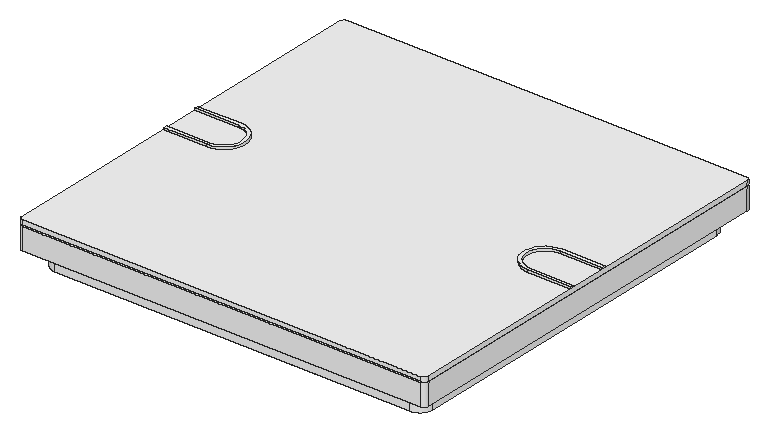
Revit family "Gira_5051003", category Electrical Fixtures, host Face, Revit 2017
Family settings
  Host = Face
  Maintain Annotation Orientation = No
  Round Connector Dimension = Use Diameter
  Part Type = Normal
  Cut with Voids When Loaded = No
  Shared = No
  Room Calculation Point = No
Parameters (values of type "PB sens.4 24 V 1-g TS4 white")
  With room temperature controller = no
  With label area = no
  With display = no
  With anti-theft/dismantling protection = yes
  With IR sensor = no
  White = White
  URL = "https://www.gira.de/"
  Type Comments = ""
  Transparent = no
  Surface protection = "Sonstige (*de-DE)"
  Radio frequent bidirectional = no
  Number of buttons = 1
  Number of actuation points = 2
  Model = ""
  Material quality = "Sonstige (*de-DE)"
  Material = "Sonstige (*de-DE)"
  Manufacturer = "Gira"
  Keynote = ""
  HeinzeBIM = "https://www.heinze.de/bim/pb-sens-4-24-v-1-g-ts4-white/80c5d1c0d546b6ce31b32db2694a73d5efe9e991"
  HAN = "5051003"
  GTIN = "4010337074960"
  Description = ""
  Default Elevation = 1219.2 mm
  Cost = 0
  Colour = "White"
  Bus connection included = no
  BIMSITE_PRODUCT_ID = "80c5d1c0d546b6ce31b32db2694a73d5efe9e991"
  BIM = "https://media.live.bim.site/t/eyJhbGciOiJIUzI1NiIsInR5cCI6IkpXVCJ9.eyJjdCI6MSwidGYiOiJwdWJsaWMvZ2lyYS8wOWY1ZGI1LzQwXzUwMDEwMCBUUzQgMWZhY2gucmZhIiwiY2lkIjoiZmVkOThlOWEtMWJkOC00YzY4LWE3M2ItNzRhOTRlMzE1ODIzIiwicmlkIjoiZjk1ZmRlOThlNWQwYmI2NmU4MmRkYWZiZGQ2OTA2ZDciLCJwaWQiOiI4MGM1ZDFjMGQ1NDZiNmNlMzFiMzJkYjI2OTRhNzNkNWVmZTllOTkxIiwic2lkIjoiNjM0NzAiLCJ1dCI6NSwibGMiOiJlbiIsImlhdCI6MTYwNzQ0MTA5NiwiaXNzIjoiaHR0cHM6Ly9hcGkubGl2ZS5iaW0uc2l0ZSIsInN1YiI6IjhkM2FhNWNiLWUwNjYtNDU5OC1iZTE2LTZlMTZlZTc0OTU2YSJ9.P3PX35laGg5dHYGWRbO6Ocyt213ir4nUk8bKwaMO7As/40_500100 TS4 1fach.rfa"
  Assembly Code = ""
Reference planes
  plane 1 "Center (Front/Back)": y = 0
  plane 2: z = 0
  plane 3 "Center (Left/Right)": x = 0
Forms (mm)
  Extrusion 1, solid, material "White", detail levels fine
    sketch origin (0, 0, 0) x (1, 0, 0) y (0, 1, 0)
      loop
        line (25.45, 35.45) -> (-25.45, 35.45)
        arc (-25.45, 35.45) -> (-32.521, 32.521) -> (-35.45, 25.45) r 10
        line (-35.45, 25.45) -> (-35.45, -25.45)
        arc (-35.45, -25.45) -> (-32.521, -32.521) -> (-25.45, -35.45) r 10
        line (-25.45, -35.45) -> (25.45, -35.45)
        arc (25.45, -35.45) -> (32.521, -32.521) -> (35.45, -25.45) r 10
        line (35.45, -25.45) -> (35.45, 25.45)
        arc (35.45, 25.45) -> (32.521, 32.521) -> (25.45, 35.45) r 10
      loop
        arc (-31.325, 28.496) -> (-31.325, 25.668) -> (-28.496, 25.668) r 2
        line (-28.496, 25.668) -> (-25.668, 28.496)
        arc (-25.668, 28.496) -> (-25.668, 31.325) -> (-28.496, 31.325) r 2
        line (-28.496, 31.325) -> (-31.325, 28.496)
      loop
        arc (-28.496, -31.325) -> (-25.668, -31.325) -> (-25.668, -28.496) r 2
        line (-25.668, -28.496) -> (-28.496, -25.668)
        arc (-28.496, -25.668) -> (-31.325, -25.668) -> (-31.325, -28.496) r 2
        line (-31.325, -28.496) -> (-28.496, -31.325)
      loop
        line (31.325, 28.496) -> (28.496, 31.325)
        arc (28.496, 31.325) -> (25.668, 31.325) -> (25.668, 28.496) r 2
        line (25.668, 28.496) -> (28.496, 25.668)
        arc (28.496, 25.668) -> (31.325, 25.668) -> (31.325, 28.496) r 2
      loop
        line (28.496, -31.325) -> (31.325, -28.496)
        arc (31.325, -28.496) -> (31.325, -25.668) -> (28.496, -25.668) r 2
        line (28.496, -25.668) -> (25.668, -28.496)
        arc (25.668, -28.496) -> (25.668, -31.325) -> (28.496, -31.325) r 2
      loop
        line (-13.39, 22.831) -> (-22.831, 13.39) -> (-22.831, -13.39) -> (-13.39, -22.831) -> (13.39, -22.831) -> (22.831, -13.39) -> (22.831, 13.39) -> (13.39, 22.831) -> (-13.39, 22.831)
      loop
        arc (-1.681, 31.793) -> (-6.669, 29.581) -> (-1.417, 28.102) r 2.9
        arc (-1.417, 28.102) -> (2.178, 28.079) -> (5.741, 27.6) r 28.291
        arc (5.741, 27.6) -> (7.553, 29.282) -> (6.077, 31.265) r 1.851
        arc (6.077, 31.265) -> (2.215, 31.784) -> (-1.681, 31.793) r 29.64
      loop
        arc (1.681, -31.793) -> (6.669, -29.581) -> (1.417, -28.102) r 2.9
        arc (1.417, -28.102) -> (-2.178, -28.079) -> (-5.741, -27.6) r 28.291
        arc (-5.741, -27.6) -> (-7.553, -29.282) -> (-6.077, -31.265) r 1.851
        arc (-6.077, -31.265) -> (-2.215, -31.784) -> (1.681, -31.793) r 29.64
      loop
        arc (-31.793, -1.681) -> (-29.581, -6.669) -> (-28.102, -1.417) r 2.9
        arc (-28.102, -1.417) -> (-28.079, 2.178) -> (-27.6, 5.741) r 28.291
        arc (-27.6, 5.741) -> (-29.282, 7.553) -> (-31.265, 6.077) r 1.851
        arc (-31.265, 6.077) -> (-31.784, 2.215) -> (-31.793, -1.681) r 29.64
      loop
        arc (31.793, 1.681) -> (29.581, 6.669) -> (28.102, 1.417) r 2.9
        arc (28.102, 1.417) -> (28.079, -2.178) -> (27.6, -5.741) r 28.291
        arc (27.6, -5.741) -> (29.282, -7.553) -> (31.265, -6.077) r 1.851
        arc (31.265, -6.077) -> (31.784, -2.215) -> (31.793, 1.681) r 29.64
    from 0 to -1
  Extrusion 2, solid, material "White", detail levels medium+fine
    sketch origin (0, 0, 0) x (1, 0, 0) y (0, 1, 0)
      loop
        line (-22.831, 13.39) -> (-22.831, -13.39) -> (-13.39, -22.831) -> (13.39, -22.831) -> (22.831, -13.39) -> (22.831, 13.39) -> (13.39, 22.831) -> (-13.39, 22.831) -> (-22.831, 13.39)
    from 0 to -15.5
  Extrusion 3, solid, material "White", detail levels medium
    sketch origin (0, 0, 0) x (1, 0, 0) y (0, 1, 0)
      loop
        line (35.45, 35.45) -> (-35.45, 35.45) -> (-35.45, -35.45) -> (35.45, -35.45) -> (35.45, 35.45)
    from 0 to -1
  Extrusion 4, solid, material "White" <- "White", detail levels fine
    sketch origin (0, 0, 0) x (1, 0, 0) y (0, 1, 0)
      loop
        arc (-41.4, 44.4) -> (-43.521, 43.521) -> (-44.4, 41.4) r 3
        line (-44.4, 41.4) -> (-44.4, -41.4)
        arc (-44.4, -41.4) -> (-43.521, -43.521) -> (-41.4, -44.4) r 3
        line (-41.4, -44.4) -> (41.4, -44.4)
        arc (41.4, -44.4) -> (43.521, -43.521) -> (44.4, -41.4) r 3
        line (44.4, -41.4) -> (44.4, 41.4)
        arc (44.4, 41.4) -> (43.521, 43.521) -> (41.4, 44.4) r 3
        line (41.4, 44.4) -> (-41.4, 44.4)
      loop
        arc (-42.4, -41.4) -> (-42.107, -42.107) -> (-41.4, -42.4) r 1
        line (-41.4, -42.4) -> (41.4, -42.4)
        arc (41.4, -42.4) -> (42.107, -42.107) -> (42.4, -41.4) r 1
        line (42.4, -41.4) -> (42.4, 41.4)
        arc (42.4, 41.4) -> (42.107, 42.107) -> (41.4, 42.4) r 1
        line (41.4, 42.4) -> (-41.4, 42.4)
        arc (-41.4, 42.4) -> (-42.107, 42.107) -> (-42.4, 41.4) r 1
        line (-42.4, 41.4) -> (-42.4, -41.4)
    from 0 to 4
  Extrusion 5, solid, material "White" <- "White", detail levels medium
    sketch origin (0, 0, 0) x (1, 0, 0) y (0, 1, 0)
      loop
        line (-44.4, 44.4) -> (-44.4, -44.4) -> (44.4, -44.4) -> (44.4, 44.4) -> (-44.4, 44.4)
    from 0 to 4
  Extrusion 6, solid, material "White" <- "White", detail levels fine
    sketch origin (0, 0, 0) x (1, 0, 0) y (0, 1, 0)
      loop
        line (-46.5, -47.5) -> (46.5, -47.5)
        arc (46.5, -47.5) -> (47.207, -47.207) -> (47.5, -46.5) r 1
        line (47.5, -46.5) -> (47.5, 46.5)
        arc (47.5, 46.5) -> (47.207, 47.207) -> (46.5, 47.5) r 1
        line (46.5, 47.5) -> (-46.5, 47.5)
        arc (-46.5, 47.5) -> (-47.207, 47.207) -> (-47.5, 46.5) r 1
        line (-47.5, 46.5) -> (-47.5, -46.5)
        arc (-47.5, -46.5) -> (-47.207, -47.207) -> (-46.5, -47.5) r 1
    from 4 to 9
  Extrusion 7, solid, material "White" <- "White", detail levels medium
    sketch origin (0, 0, 0) x (1, 0, 0) y (0, 1, 0)
      loop
        line (-47.5, -47.5) -> (47.5, -47.5) -> (47.5, 47.5) -> (-47.5, 47.5) -> (-47.5, -47.5)
    from 4 to 10.7
  Extrusion 8, solid, material "White" <- "White", detail levels fine
    sketch origin (0, 0, 0) x (1, 0, 0) y (0, 1, 0)
      loop
        line (-46.5, -47.5) -> (46.5, -47.5)
        arc (46.5, -47.5) -> (47.207, -47.207) -> (47.5, -46.5) r 1
        line (47.5, -46.5) -> (47.5, 46.5)
        arc (47.5, 46.5) -> (47.207, 47.207) -> (46.5, 47.5) r 1
        line (46.5, 47.5) -> (-46.5, 47.5)
        arc (-46.5, 47.5) -> (-47.207, 47.207) -> (-47.5, 46.5) r 1
        line (-47.5, 46.5) -> (-47.5, -46.5)
        arc (-47.5, -46.5) -> (-47.207, -47.207) -> (-46.5, -47.5) r 1
    from 9.3 to 10.3
  Extrusion 9, solid, material "White" <- "White", detail levels fine
    sketch origin (0, 0, 0) x (1, 0, 0) y (0, 1, 0)
      loop
        line (-37.5, 5) -> (-47.5, 5) -> (-47.5, 4.2) -> (-37.5, 4.2)
        arc (-37.5, 4.2) -> (-33.3, 0) -> (-37.5, -4.2) r 4.2
        line (-37.5, -4.2) -> (-47.5, -4.2) -> (-47.5, -5) -> (-37.5, -5)
        arc (-37.5, -5) -> (-32.5, 0) -> (-37.5, 5) r 5
      loop
        arc (37.5, 5) -> (32.5, 0) -> (37.5, -5) r 5
        line (37.5, -5) -> (47.5, -5) -> (47.5, -4.2) -> (37.5, -4.2)
        arc (37.5, -4.2) -> (33.3, 0) -> (37.5, 4.2) r 4.2
        line (37.5, 4.2) -> (47.5, 4.2) -> (47.5, 5) -> (37.5, 5)
    from 9.5 to 10.7
  Extrusion 10, solid, material "White" <- "White", detail levels coarse
    sketch origin (0, 0, 0) x (1, 0, 0) y (0, 1, 0)
      loop
        line (-47.5, -47.5) -> (47.5, -47.5) -> (47.5, 47.5) -> (-47.5, 47.5) -> (-47.5, -47.5)
    from -15.4 to 10.7
Lines and regions (mm)
  reference lines
    curve 1: line (0, 47.5, 0) -> (0, -47.5, 0)
    curve 2: line (-47.5, 0, 0) -> (47.5, 0, 0)
Dimensions and locks
  aligned and locked: plane 2 to host face
  aligned and locked: level to host face
Connectors
  electrical at (0, 0, -15.5)
    settings: on Extrusion 2, index 1, voltage 220 V, apparent load 0 VA, apparent load phase1 0 VA, apparent load phase2 0 VA, apparent load phase3 0 VA, power factor 1, load classification "Other", number of poles 1, system type 31, power factor state 1, is connector primary yes, connector utility no, sub classification motor no, connector description ""
